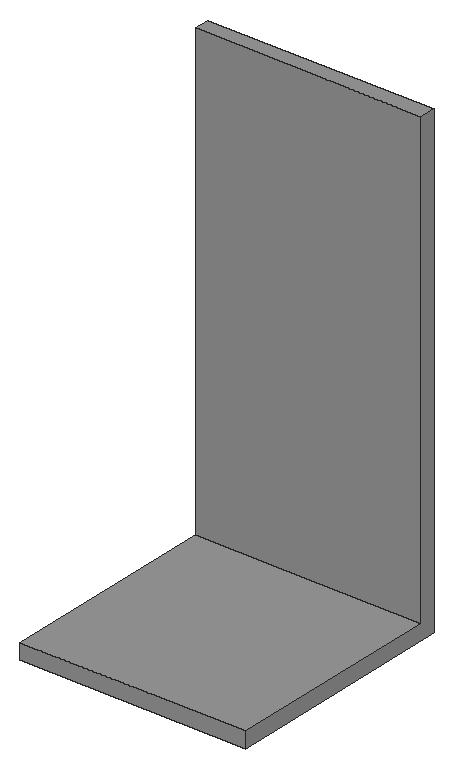
Revit family "NLRS_30_GM_FB_073150_GB", category Generic Models, host Face, Revit 2019
Family settings
  Host = Face
  Can host rebar = No
  Round Connector Dimension = Use Diameter
  Part Type = Normal
  Cut with Voids When Loaded = No
  Shared = Yes
  Room Calculation Point = No
Parameters (values of type "XL-Hoekanker 75x150 SV")
  YS4 = 137 mm
  YS3 = 105.5 mm
  YS2 = 60 mm
  YS1 = 40 mm
  YA4 = 35.5 mm
  YA3 = 125.5 mm
  YA2 = 0 mm
  YA1 = 38.2 mm
  XS4 = 24.5 mm
  XS3 = 17.5 mm
  XS2 = 17.5 mm
  XS1 = 17.5 mm
  XA4 = 0 mm
  XA2 = 0 mm
  X2A4 = 0 mm
  X2A2 = 0 mm
  URL = "https://www.gb.nl/xl-hoek-75x150-72x5-sv"
  Type Image = 073150.jpg
  NLRS_C_omschrijving = Description  # "XL-Hoekanker 75x150"
  NLRS_C_materiaal_afwerking = "Sendzimir Verzinkt"
  NLRS_C_materiaal [instance] = S350
  NLRS_C_lengte_01 [instance] = if(Change_placement, L, L1)  # 150 mm
  NLRS_C_lengte [instance] = if(Change_placement, L1, L)  # 75 mm
  NLRS_C_gtin_code = "8714318036409"
  NLRS_C_fabrikant_product_code = "073150"
  NLRS_C_dikte [instance] = D  # 5 mm
  NLRS_C_content_versie = "1.0"  # constant formula
  NLRS_C_content_provider = "Gebr. Bodegraven B.V."  # constant formula
  NLRS_C_content_datum gewijzigd = ""
  NLRS_C_content_creator = "Gebr. Bodegraven B.V."  # constant formula
  NLRS_C_breedte [instance] = B  # 72 mm
  NLRS_C_bestemming = "Element- en kozijnverbindingen"  # constant formula
  Model = "75x100"
  Manufacturer = "Gebr. Bodegraven B.V."  # constant formula
  L1 = 150 mm
  L = 75 mm
  IfcExportType = "USERDEFINED"  # constant formula
  IfcExportAs = "MechanicalFastnerType"  # constant formula
  IfcDescription = Description  # "XL-Hoekanker 75x150"
  I_03 Product Name = "XL-Hoekanker 75x150"
  I_01 Product Number = 73150
  GB_Y_Screw 4 = if(Change_placement, YS2, YS4)  # 137 mm
  GB_Y_Screw 3 = if(Change_placement, YS1, YS3)  # 105.5 mm
  GB_Y_Screw 2 = if(Change_placement, YS4, YS2)  # 60 mm
  GB_Y_Screw 1 = if(Change_placement, YS3, YS1)  # 40 mm
  GB_Y_Anchor 4 = if(Change_placement, YA2, YA4)  # 35.5 mm
  GB_Y_Anchor 3 = if(Change_placement, YA1, YA3)  # 125.5 mm
  GB_Y_Anchor 2 = if(Change_placement, YA4, YA2)  # 0 mm
  GB_Y_Anchor 1 = if(Change_placement, YA3, YA1)  # 38.2 mm
  GB_X_Screw 4 = if(Change_placement, XS2, XS4)  # 24.5 mm
  GB_X_Screw 3 = if(Change_placement, XS1, XS3)  # 17.5 mm
  GB_X_Screw 2 = if(Change_placement, XS4, XS2)  # 17.5 mm
  GB_X_Screw 1 = if(Change_placement, XS3, XS1)  # 17.5 mm
  GB_X_Anchor 4 = if(Change_placement, XA2, XA4)  # 0 mm
  GB_X_Anchor 2 = if(Change_placement, XA4, XA2)  # 0 mm
  GB_X2_Anchor 4 = if(Change_placement, X2A2, X2A4)  # 0 mm
  GB_X2_Anchor 2 = if(Change_placement, X2A4, X2A2)  # 0 mm
  GB_ID_Verpakkingseenheid = "30"
  GB_ID_Slobgaten = "2/30x13"
  GB_ID_Gatenpatroon = "10/7-8/9-2/13"
  Description = "XL-Hoekanker 75x150"
  Default_placement [instance] = not(Change_placement)  # yes
  Default Elevation = 1219.2 mm
  D = 5 mm
  Change_placement = no
  B = 72 mm
Reference planes
  plane 1 "Center (Front/Back)": y = 0
  plane 2: z = 0
  plane 3 "Center (Left/Right)": x = 0
  plane 4 "GB_Dikte_1": y = -5
  plane 5 "GB_Dikte_2": z = 5
  plane 6 "GB_Lengte_2": y = -75
  plane 7 "GB_Lengte_1": z = 150
  plane 8 "RefPlane": y = -2.5
  plane 9 "Ref.plane 2": z = 2.5
  plane 10 "GB_Y_Anchor 1": y = -38.2
  plane 11 "GB_Y_Anchor 2": y = 0
  plane 12 "GB_X_Screw 4": x = 24.5
  plane 13 "GB_X_Screw 3": x = -17.5
  plane 14 "GB_Y_Screw 4": z = 137
  plane 15 "GB_Y_Screw 3": z = 105.5
  plane 16 "GB_Y_Anchor 3": z = 125.5
  plane 17 "GB_X_Screw 2": x = -17.5
  plane 18 "GB_X_Screw 1": x = 17.5
  plane 19 "GB_Y_Screw 1": y = -40
  plane 20 "GB_Y_Screw 2": y = -60
  plane 21 "GB_Y_Anchor 4": z = 35.5
  plane 22: x = 0
  plane 23 "GB_X_Anchor 4": x = 0
  plane 24 "GB_X2_Anchor 4": x = 0
  plane 25 "GB_X_Anchor 2": x = 0
  plane 26 "GB_X2_Anchor 2": x = 0
Forms (mm)
  Extrusion 1, solid, material "DX51", detail levels fine
    sketch origin (0, 0, 0) x (0, 1, 0) y (0, 0, 1)
      loop
        line (-75, 0) -> (0, 0) -> (0, 150) -> (-5, 150) -> (-5, 5) -> (-75, 5) -> (-75, 0)
    from -36 to 36
Lines and regions (mm)
  model lines, detail levels coarse
    curve 1: line (0, -2.5, 150) -> (0, -2.5, 2.5)
    curve 2: line (0, -75, 2.5) -> (0, -2.5, 2.5)
  model lines, detail levels medium
    curve 3: line (-36, -2.5, 150) -> (36, -2.5, 150)
    curve 4: line (-36, -75, 2.5) -> (36, -75, 2.5)
    curve 5: line (36, -75, 2.5) -> (36, -2.5, 2.5)
    curve 6: line (36, -2.5, 2.5) -> (36, -2.5, 150)
    curve 7: line (-36, -2.5, 150) -> (-36, -2.5, 2.5)
    curve 8: line (-36, -2.5, 2.5) -> (-36, -75, 2.5)
    curve 9: line (36, -2.5, 2.5) -> (-36, -2.5, 2.5)
Dimensions and locks
  "NLRS_C_lengte_01": plane 7 "GB_Lengte_1" to host face
  "NLRS_C_lengte": plane 6 "GB_Lengte_2" to plane 1 "Center (Front/Back)"
  "NLRS_C_dikte": plane 4 "GB_Dikte_1" to plane 1 "Center (Front/Back)"
  "NLRS_C_dikte": plane 5 "GB_Dikte_2" to host face
  equal spacing: Extrusion 1, plane 3 "Center (Left/Right)", Extrusion 1
  "NLRS_C_breedte": Extrusion 1 to Extrusion 1
  equal spacing: plane 4 "GB_Dikte_1", plane 8 "RefPlane", plane 1 "Center (Front/Back)"
  equal spacing: plane 5 "GB_Dikte_2", plane 9 "Ref.plane 2", level
  "GB_Y_Anchor 1": plane 1 "Center (Front/Back)" to plane 10 "GB_Y_Anchor 1"
  "GB_Y_Anchor 2": plane 11 "GB_Y_Anchor 2" to plane 1 "Center (Front/Back)"
  "GB_X_Screw 3": plane 3 "Center (Left/Right)" to plane 13 "GB_X_Screw 3"
  "GB_X_Screw 4": plane 12 "GB_X_Screw 4" to plane 3 "Center (Left/Right)"
  "GB_Y_Screw 3": plane 15 "GB_Y_Screw 3" to host face
  "GB_Y_Screw 4": plane 14 "GB_Y_Screw 4" to host face
  "GB_Y_Anchor 3": plane 16 "GB_Y_Anchor 3" to host face
  "GB_Y_Screw 1": plane 19 "GB_Y_Screw 1" to plane 1 "Center (Front/Back)"
  "GB_Y_Screw 2": plane 20 "GB_Y_Screw 2" to plane 1 "Center (Front/Back)"
  "GB_X_Screw 2": plane 17 "GB_X_Screw 2" to plane 3 "Center (Left/Right)"
  "GB_X_Screw 1": plane 3 "Center (Left/Right)" to plane 18 "GB_X_Screw 1"
  "GB_Y_Anchor 4": plane 21 "GB_Y_Anchor 4" to host face
  "GB_X_Anchor 4": plane 23 "GB_X_Anchor 4" to plane 3 "Center (Left/Right)"
  "GB_X2_Anchor 4": plane 3 "Center (Left/Right)" to plane 24 "GB_X2_Anchor 4"
  "GB_X_Anchor 2": plane 25 "GB_X_Anchor 2" to plane 22
  "GB_X2_Anchor 2": plane 22 to plane 26 "GB_X2_Anchor 2"
  aligned and locked: plane 2 to host face
  aligned and locked: level to host face
  aligned and locked: plane 7 "GB_Lengte_1" to Extrusion 1
  aligned and locked: plane 6 "GB_Lengte_2" to Extrusion 1
  aligned and locked: plane 5 "GB_Dikte_2" to Extrusion 1
  aligned and locked: plane 4 "GB_Dikte_1" to Extrusion 1
  aligned and locked: curve 2 to plane 9 "Ref.plane 2"
  aligned and locked: Extrusion 1 to curve 2
  aligned and locked: curve 1 to plane 8 "RefPlane"
  aligned and locked: Extrusion 1 to curve 1
  aligned and locked: curve 3 to Extrusion 1  (x2)
  aligned and locked: curve 6 to curve 1
  aligned and locked: curve 5 to curve 2
  aligned and locked: Extrusion 1 to curve 5
  aligned and locked: curve 4 to curve 6
  aligned and locked: curve 4 to Extrusion 1
  aligned and locked: curve 8 to curve 2
  aligned and locked: curve 7 to Extrusion 1
  aligned and locked: curve 9 to curve 4
  aligned and locked: curve 9 to curve 6
  aligned and locked: curve 7 to curve 1
  aligned and locked: curve 7 to curve 9
  aligned and locked: Extrusion 1 to plane 1 "Center (Front/Back)"
  aligned and locked: Extrusion 1 to level
Automatic sketch dimensions
  host sketch curve to host sketch curve = 2438.4 mm  (x2)
  Extrusion 1 sketch curve to level = 0 mm
  plane 6 "GB_Lengte_2" to Extrusion 1 sketch curve = 0 mm
  plane 4 "GB_Dikte_1" to Extrusion 1 sketch curve = 0 mm
  Extrusion 1 sketch curve to plane 1 "Center (Front/Back)" = 0 mm
  plane 5 "GB_Dikte_2" to Extrusion 1 sketch curve = 0 mm
  plane 7 "GB_Lengte_1" to Extrusion 1 sketch curve = 0 mm
  plane 8 "RefPlane" to curve 3 = 0 mm
  curve 6 to Extrusion 1 = 0 mm
  curve 4 to plane 9 "Ref.plane 2" = 0 mm
  curve 8 to Extrusion 1 = 0 mm
  Extrusion 1 to curve 7 = 0 mm
  curve 9 to plane 9 "Ref.plane 2" = 0 mm
